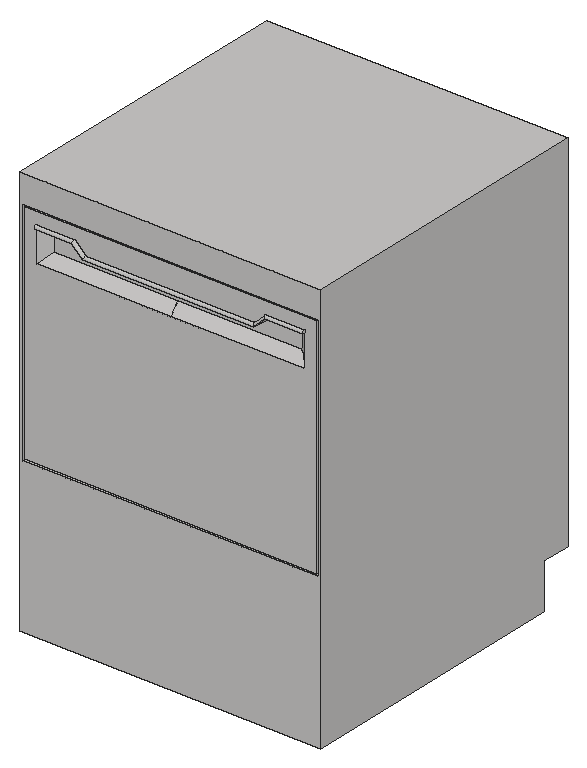
Revit family "QF_ELECTROLUXPROFESSIONAL_502710_ELAI1WG", category Specialty Equipment, Revit 2018
Family settings
  Round Connector Dimension = Use Diameter
  Part Type = Normal
  Work Plane-Based = No
  Always vertical = Yes
  Cut with Voids When Loaded = No
  Shared = No
  Room Calculation Point = No
Parameters
  Weight = 71.00 kg
  Watts = 0 W
  Volts = 0 V
  URL Manufacturer = ""
  URL = "http://professional.electrolux.com/"
  Steam Supply Size = 0 mm
  Steam Supply Minimum Pressure = 0.0 Pa
  Steam Supply Maximum Pressure = 0.0 Pa
  Steam Pounds per Hour = 0
  Show Logo [instance] = yes
  Show Clearance [instance] = yes
  Refrigeration Suction Line Size = 0 mm
  Refrigeration Liquid Line Size = 0 mm
  Refrigerant Compressor Remote = yes
  Manufacturer = ""
  Phase = 0
  Model = ""
  Length Actual = 600 mm  # constant formula
  Item Number = ""
  Hot Water Size = 0 mm
  Height Actual = 820 mm  # constant formula
  HP = "7.2 HP"
  Gas Size = 0 mm
  Gas KW = 0
  Gas Input Pressure = 0 W
  Direct Waste Size = 20.5 mm
  Description = ""
  Depth Actual = 615 mm  # constant formula
  Cycle = 0 Hz
  Condensate Return Size = 0 mm
  Compressed Air Volume = 0.0 L/s
  Compressed Air Size = 0 mm
  Compressed Air Pressure = 0.0 Pa
  Cold Water Size = 0 mm
  Accessory = yes
Types (2, lengths in mm): name | Volts | URL Manufacturer | URL | Manufacturer | Phase | Model | Item Number | Hot Water Size | Description | Cycle
  (no name) | 0 V | "" | "http://professional.electrolux.com/" | "" | 0 | "" | "" | 0 | "" | 0 Hz
  Standard | 230 V | "http://professional.electrolux.com" | "http://professional.electrolux.com" | "Electrolux Professional" | 1 | "ELAI1WG" | "502710" | 19.05 | "UNDERCOUNTER(L), WASH-SAFE, DOUBLE SKIN, 1PH, WS, DP, DD, 720D/H" | 50 Hz
Reference planes
  plane 1 "Center (Front/Back)": y = 0
  plane 2: z = 0
  plane 3 "Center (Left/Right)": x = 0
  plane 4 "LEFT": x = -300
  plane 5 "RIGHT": x = 300
  plane 6 "FRONT": y = -307.5
  plane 7 "BACK": y = 307.5
  plane 8: z = 830
  plane 9: z = 10
  plane 10: y = 268.5
Forms (mm)
  Extrusion 1, solid, material "QF_Finishes_Stainless Steel"
    sketch origin (0, 0, 0) x (1, 0, 0) y (0, 1, 0)
      loop
        line (-300, -307.5) -> (300, -307.5) -> (300, 249.5) -> (-300, 249.5) -> (-300, -307.5)
    from 10 to 830
  Extrusion 2, solid, material "QF_Finishes_Stainless Steel"
    sketch origin (0, 0, 0) x (1, 0, 0) y (0, 1, 0)
      loop
        line (-300, 249.5) -> (300, 249.5) -> (300, 307.5) -> (-300, 307.5) -> (-300, 249.5)
    from 100 to 830
  Extrusion 3, solid, material "QF_Finishes_Stainless Steel"
    sketch origin (0, 0, 0) x (1, 0, 0) y (0, 1, 0)
      loop
        circle (-254, 193.5) r 12.5
      loop
        circle (254, 193.5) r 12.5
      loop
        circle (-254, -237.5) r 12.5
      loop
        circle (254, -237.5) r 12.5
    from 0 to 10
  Extrusion 4, void
    sketch origin (-300, -307.5, 0) x (-1, 0, 0) y (0, 0, 1)
      loop
        line (-5, 773.217) -> (-595, 773.217) -> (-595, 315.188) -> (-5, 315.188) -> (-5, 773.217)
    from 0 to 30
  Extrusion 5, solid, material "QF_Finishes_Stainless Steel"
    sketch origin (-274, -411, 733) x (0, 0, -1) y (1, 0, 0)
      loop
        circle (693, 143) r 10
    from -660.5 to -718.5
  Extrusion 6, solid, material "QF_Door-Drawer Clearances", visible <- "Show Clearance", detail levels coarse
    sketch origin (-230, -282.5, 0) x (0, 1, 0) y (0, 0, -1)
      loop
        line (-25, -319.312) -> (-397, -319.312)
        arc (-397, -319.312) -> (-298.139, -616.581) -> (-25, -770) r 434.302
        line (-25, -770) -> (-25, -319.312)
    from 61.225 to -521.647
  Extrusion 7, solid, material "QF_Finishes_Stainless Steel"
    sketch origin (-331.481, -411, 703) x (0, 0, -1) y (1, 0, 0)
      loop
        circle (663, 252.481) r 8
    from -660.5 to -718.5
  Extrusion 8, solid, material "QF_Finishes_Stainless Steel"
    sketch origin (-230, -282.5, 0) x (0, 1, 0) y (0, 0, -1)
      loop
        line (-25, -319.312) -> (-25, -770) -> (0, -770) -> (0, -319.312) -> (-25, -319.312)
    from 61.225 to -521.647
  Extrusion 9, solid, material "QF_Finishes_Stainless Steel"
    sketch origin (-301, 942.75, 760.5) x (0, -1, 0) y (1, 0, 0)
      loop
        circle (663, 158) r 8
    from -660.5 to -670.5
  Blend 10, void
    base sketch origin (-230, -307.5, 770) x (0, 0, -1) y (1, 0, 0)
      loop
        line (93.563, -37.311) -> (93.563, 230) -> (93.563, 497.311) -> (28.563, 497.311) -> (28.563, 422.311) -> (49.776, 401.098) -> (49.776, 230) -> (49.776, 58.902) -> (28.563, 37.689) -> (28.563, -37.311) -> (93.563, -37.311)
    top sketch origin (-230, -307.5, 770) x (0, 0, -1) y (1, 0, 0)
      loop
        line (73.563, -17.311) -> (73.563, 230) -> (73.563, 477.311) -> (31.063, 477.311) -> (31.063, 422.311) -> (52.276, 401.098) -> (52.276, 58.902) -> (31.063, 37.689) -> (31.063, -17.311) -> (73.563, -17.311)
    from 0 to -19.433
  Sweep 11, solid, material "QF_Finishes_Stainless Steel"
    path origin (-230, -307.5, 770) x (0, 0, -1) y (1, 0, 0)
      loop
        line (28.563, -37.311) -> (28.563, 37.689) -> (49.776, 58.902) -> (49.776, 401.098) -> (28.563, 422.311) -> (28.563, 497.311)
    profile origin (-229.811, -307.5, 741.437) x (0, 0, 1) y (0, -1, 0)
      loop
        line (0, 0) -> (5, 0)
        arc (5, 0) -> (3.536, 3.536) -> (0, 5) r 5
        arc (0, 5) -> (-0.037, 0.962) -> (-0.394, -3.06) r 51.04
        line (-0.394, -3.06) -> (0, 0)
Cuts and joins
  Extrusion 4 cuts Extrusion 1
  joined: Extrusion 1, Extrusion 2
  Blend 10 cuts Extrusion 8
Lines and regions (mm)
  Split face 1
    outline origin (-300, -307.5, 830) x (0, 0, -1) y (1, 0, 0)
      loop
        line (56.783, 5) -> (56.783, 0)
      loop
        line (56.783, 595) -> (56.783, 600)
      loop
        line (37.034, 600) -> (37.034, 514.297)
        arc (37.034, 514.297) -> (37.64, 511.25) -> (39.366, 508.667) r 7.962
        line (39.366, 508.667) -> (44.289, 503.744)
        arc (44.289, 503.744) -> (46.135, 500.982) -> (46.783, 497.723) r 8.515
        line (46.783, 497.723) -> (46.783, 87.277)
        arc (46.783, 87.277) -> (46.135, 84.018) -> (44.289, 81.256) r 8.515
        line (44.289, 81.256) -> (39.366, 76.333)
        arc (39.366, 76.333) -> (37.64, 73.75) -> (37.034, 70.703) r 7.962
        line (37.034, 70.703) -> (37.034, 0)
  Split face 2
    outline origin (-300, -307.5, 830) x (0, 0, -1) y (1, 0, 0)
      loop
        line (13.15, 274.82) -> (37.034, 274.82) -> (37.034, 325.18) -> (13.15, 325.18) -> (13.15, 274.82)
  symbolic lines
    curve 1: line (-300, 307.5, 0) -> (300, 307.5, 0)
    curve 2: line (-300, -307.5, 0) -> (-300, 307.5, 0)
    curve 3: line (300, -307.5, 0) -> (-300, -307.5, 0)
    curve 4: line (300, 307.5, 0) -> (300, -307.5, 0)
  symbolic lines, style "QF_Door-Drawer Clearances"
    curve 5: line (-291.225, -679.5, 0) -> (291.647, -679.5, 0)
    curve 6: line (291.647, -679.5, 0) -> (291.647, -307.5, 0)
    curve 7: line (-291.225, -679.5, 0) -> (-291.225, -307.5, 0)
  symbolic lines, style "SpecialityEquipmentHiddenLines"
    curve 8: line (-300, 249.5, 0) -> (300, 249.5, 0)
Dimensions and locks
  equal spacing: plane 4 "LEFT", plane 3 "Center (Left/Right)", plane 5 "RIGHT"
  equal spacing: plane 7 "BACK", plane 1 "Center (Front/Back)", plane 6 "FRONT"
  plane 7 "BACK" to plane 6 "FRONT" = 615 mm
  plane 4 "LEFT" to plane 5 "RIGHT" = 600 mm
  locked: plane 9 to level at 10
  plane 4 "LEFT" to plane 3 "Center (Left/Right)" = 300 mm
  plane 8 to level = 830 mm  (x2)
  Extrusion 9 sketch curve to plane 4 "LEFT" = 157 mm
  level to Extrusion 5 sketch curve = 40 mm
  Extrusion 5 sketch curve to plane 4 "LEFT" = 169 mm
  Extrusion 7 sketch curve to plane 4 "LEFT" = 221 mm
  level to Extrusion 7 sketch curve = 40 mm
  Extrusion 3 to cut or joined group of Extrusion 1, Extrusion 2, Extrusion 4 = 114 mm
  Extrusion 3 to Extrusion 3 = 431 mm
  plane 6 "FRONT" to Extrusion 3 = 70 mm
  plane 1 "Center (Front/Back)" to plane 6 "FRONT" = 307.5 mm
  locked: plane 7 "BACK" to plane 10 at 39
  plane 7 "BACK" to curve 5 = 987 mm
  Extrusion 8 to cut or joined group of Extrusion 1, Extrusion 2, Extrusion 4 = 454.812 mm
  aligned and locked: level to plane 2
  aligned and locked: Extrusion 1 sketch curve to plane 6 "FRONT"
  aligned and locked: Extrusion 1 sketch curve to plane 4 "LEFT"
  aligned and locked: plane 5 "RIGHT" to Extrusion 1 sketch curve
  aligned and locked: Extrusion 1 to plane 9
  aligned and locked: Extrusion 2 sketch curve to Extrusion 1
  aligned and locked: plane 7 "BACK" to Extrusion 2 sketch curve
  aligned and locked: plane 5 "RIGHT" to Extrusion 2 sketch curve
  aligned and locked: plane 9 to Extrusion 3
Automatic sketch dimensions
  Extrusion 1 sketch curve to plane 10 = 19 mm
  Extrusion 2 sketch curve to plane 10 = 19 mm
  plane 4 "LEFT" to Extrusion 3 sketch curve = 46 mm  (x2)
  Extrusion 3 sketch curve to plane 5 "RIGHT" = 46 mm  (x2)
  plane 6 "FRONT" to Extrusion 3 sketch curve = 70 mm  (x2)
  Extrusion 3 sketch curve to plane 10 = 75 mm  (x2)
  Extrusion 4 sketch curve to Extrusion 1 = 5 mm  (x2)
  Extrusion 4 sketch curve to Extrusion 1 = 305.188 mm
  Extrusion 4 sketch curve to Extrusion 1 = 56.783 mm
  Extrusion 8 sketch curve to plane 6 "FRONT" = 0 mm
  Extrusion 8 sketch curve to Extrusion 8 sketch curve = 25 mm
  Extrusion 8 sketch curve to plane 8 = 60 mm
  plane 9 to Extrusion 8 sketch curve = 309.312 mm
  cut or joined group of Extrusion 1, Extrusion 2, Extrusion 4 to Split face 1 sketch curve = 0 mm  (x2)
  Split face 1 sketch curve to cut or joined group of Extrusion 1, Extrusion 2, Extrusion 4 = 0 mm  (x6)
  cut or joined group of Extrusion 1, Extrusion 2, Extrusion 4 to Split face 1 sketch curve = 10 mm
  Split face 1 sketch curve to Split face 1 sketch curve = 2.494 mm  (x2)
  Split face 1 sketch curve to Split face 1 sketch curve = 8.515 mm  (x2)
  cut or joined group of Extrusion 1, Extrusion 2, Extrusion 4 to Split face 1 sketch curve = 11.786 mm  (x2)
  Split face 1 sketch curve to Split face 1 sketch curve = 5.63 mm  (x2)
  Split face 1 sketch curve to Split face 1 sketch curve = 2.332 mm  (x2)
  Split face 1 sketch curve to cut or joined group of Extrusion 1, Extrusion 2, Extrusion 4 = 65.703 mm
  Split face 1 sketch curve to Split face 1 sketch curve = 4.923 mm  (x2)
  Split face 1 sketch curve to cut or joined group of Extrusion 1, Extrusion 2, Extrusion 4 = 97.277 mm
  Split face 2 sketch curve to cut or joined group of Extrusion 1, Extrusion 2, Extrusion 4 = 13.15 mm
  cut or joined group of Extrusion 1, Extrusion 2, Extrusion 4 to Split face 2 sketch curve = 19.749 mm
  Split face 2 sketch curve to cut or joined group of Extrusion 1, Extrusion 2, Extrusion 4 = 269.82 mm
  Split face 2 sketch curve to Split face 2 sketch curve = 50.359 mm
  curve 1 to plane 4 "LEFT" = 0 mm
  curve 7 to plane 6 "FRONT" = 0 mm
  curve 4 to plane 5 "RIGHT" = 0 mm
  curve 8 to plane 10 = 19 mm
  curve 2 to plane 7 "BACK" = 0 mm
  plane 4 "LEFT" to curve 5 = 8.775 mm
  curve 6 to plane 5 "RIGHT" = 8.353 mm
  Extrusion 6 sketch curve to plane 6 "FRONT" = 0 mm
  plane 6 "FRONT" to Extrusion 6 sketch curve = 61.803 mm
  plane 9 to Extrusion 6 sketch curve = 330.118 mm
  Extrusion 6 sketch curve to Extrusion 6 sketch curve = 20.806 mm
  Extrusion 6 sketch curve to plane 6 "FRONT" = 372 mm
  Blend 10 sketch curve to Extrusion 8 = 28.563 mm  (x2)
  Blend 10 sketch curve to Extrusion 8 = 49.776 mm
  Blend 10 sketch curve to Blend 10 sketch curve = 65 mm
  Extrusion 8 to Blend 10 sketch curve = 23.913 mm
  Blend 10 sketch curve to Blend 10 sketch curve = 75 mm  (x2)
  Blend 10 sketch curve to Blend 10 sketch curve = 21.213 mm  (x5)
  Blend 10 sketch curve to Blend 10 sketch curve = 171.098 mm  (x2)
  Blend 10 sketch curve to Blend 10 sketch curve = 0 mm
  Extrusion 8 to Blend 10 sketch curve = 120.549 mm
  Extrusion 8 to Blend 10 sketch curve = 99.335 mm
  Extrusion 8 to Blend 10 sketch curve = 43.913 mm
  Blend 10 sketch curve to Blend 10 sketch curve = 42.5 mm
  Extrusion 8 to Blend 10 sketch curve = 44.335 mm
  Blend 10 sketch curve to Blend 10 sketch curve = 55 mm  (x2)
  Blend 10 sketch curve to Extrusion 8 = 31.063 mm
  Extrusion 8 to Sweep 11 sketch curve = 98.913 mm
  Sweep 11 sketch curve to Sweep 11 sketch curve = 21.213 mm  (x4)
  Extrusion 8 to Sweep 11 sketch curve = 23.913 mm
  Sweep 11 sketch curve to Extrusion 8 = 28.563 mm
  Extrusion 8 to Sweep 11 sketch curve = 99.335 mm
  Extrusion 8 to Sweep 11 sketch curve = 24.335 mm
  profile plane to Sweep 11 sketch curve = 0 mm  (x2)
  Sweep 11 sketch curve to profile plane = 0 mm
  profile plane to Sweep 11 sketch curve = 3.452 mm
  Sweep 11 sketch curve to Sweep 11 sketch curve = 5 mm
  profile plane to Sweep 11 sketch curve = 0.394 mm
  Sweep 11 sketch curve to profile plane = 3.06 mm
  plane 10 to Extrusion 9 sketch curve = 11.25 mm
  radius of Extrusion 3 sketch curve = 12.5 mm  (x4)
  radius of Extrusion 5 sketch curve = 10 mm
  radius of Extrusion 7 sketch curve = 8 mm
  radius of Extrusion 9 sketch curve = 8 mm
Connectors
  piping at (-131, 307.5, 40), diameter 20
    settings: on Extrusion 5, index 1, connector inside diameter 609.6 mm, connector length 0 mm, flow factor 0, pipe flow 0.0 L/s, pressure drop 0.0 Pa, fitting loss kfactor 0, connector angle 0.00°, fixture units 0, engagement length 0 mm, angle of deflection 0.00°, flow configuration 1, flow direction 1, fitting loss method 0, system type 16, joint type 0, gender type 0, connector reference index -1, connector utility 0, adjustable connector no, is connector primary yes, connector description "Drain"
  piping at (-79, 307.5, 40), diameter 16
    settings: on Extrusion 7, index 3, connector inside diameter 609.6 mm, connector length 0 mm, flow factor 0, pipe flow 0.0 L/s, pressure drop 0.0 Pa, fitting loss kfactor 0, connector angle 0.00°, fixture units 0, engagement length 0 mm, angle of deflection 0.00°, flow configuration 1, flow direction 1, fitting loss method 0, system type 20, joint type 0, gender type 0, connector reference index -1, connector utility 0, adjustable connector no, is connector primary no, connector description "Cold Water Inlet"
  electrical at (-143, 279.75, 90), driven by "Volts"
    settings: on Extrusion 9, index 4, voltage 0 V, apparent load 0 VA, apparent load phase1 0 VA, apparent load phase2 0 VA, apparent load phase3 0 VA, power factor 1, load classification "Altro", number of poles 1, system type 31, power factor state 1, is connector primary yes, connector utility no, sub classification motor no, connector description "Electrical Connection"
